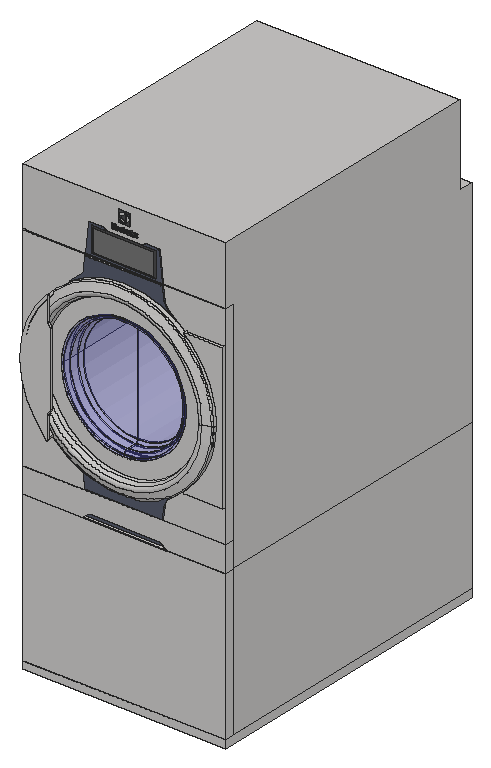
Revit family "QF_ELECTROLUXPROFESSIONAL_1L059Z_TD6-20_E", category Attrezzature speciali, Revit 2021
Family settings
  Quota connettore circolare = Usa diametro
  Tipo di parte = Normale
  Basato su piano di lavoro = No
  Sempre verticale = Sì
  Taglio con vuoti quando caricato = No
  Condiviso = No
  Punto di calcolo locali = No
Parameters (values of type "9873830140")
  Weight = 243
  Watts = 19000 W
  Volts = 230 V
  URL = "www.electroluxprofessional.com"
  Steam Pounds per Hour = 0
  Show Logo [instance] = yes
  Show Clearance [instance] = yes
  Sensible Heat Output = "0.0"
  Prospetto di default = 0 mm
  Produttore = "Electrolux Professional"
  Phase = 3
  Modello = "TD6-20"
  Length Actual = 790 mm
  Latent Heat Output = "0.0"
  Item Number = "1LSNCU"
  Height Actual = 1771 mm
  Gas KW = 0
  Descrizione = "TUMBLE DRYER TD6-20 20KG GALVA.DRUM EL 18KW 230/50/3 COMPASS PRO 6G81 EU SILVER DO.LEFT.INS. MB AFC STOP DISCON."
  Depth Actual = 1202 mm
  Cycle = 50 Hz
  Corrente [instance] = "47.8"
Types (82, lengths in mm): name | Watts | Volts | Item Number | Descrizione | Cycle | Corrente
  (no name) | 19000 W | 230 V | "1LSNCU" | "TUMBLE DRYER TD6-20 20KG GALVA.DRUM EL 18KW 230/50/3 COMPASS PRO 6G81 EU SILVER DO.LEFT.INS. MB AFC STOP DISCON." | 50 Hz | "47.8"
  9873830029 | 19000 W | 400 V | "1L0EDE" | "TUMBLE DRYER TD6-20 20KG SST DRUM EL 18KW 400/50/3 COMPASS PRO 6G82 EU SILVER DO.RIGHT STOP DISCON." | 50 Hz | "27.5"
  9873830019 | 19000 W | 400 V | "1LSN2M" | "TUMBLE DRYER TD6-20 20KG GALVA.DRUM EL 18KW 400/50/3 COMPASS PRO 6G82 EU SILVER DO.RIGHT STOP DISCON." | 50 Hz | "27.5"
  9873830059 | 14500 W | 240 V | "1L0EH8" | "TUMBLE DRYER TD6-20 20KG GALVA.DRUM EL 13,5KW 208-240/60/3 COMPASS PRO 6G81 EU SILVER DO.RIGHT MB STOP DISCON." | 60 Hz | "40.3"
  9873830229 | 19000 W | 400 V | "1L0GSW" | "TUMBLE DRYER TD6-20 20KG SST DRUM EL 18KW 400/60/3 COMPASS PRO 6G81 EU SST DO.RIGHT MB STOP DISCON." | 60 Hz | "27.5"
  9873830219 | 19000 W | 400 V | "1LSPAK" | "TUMBLE DRYER TD6-20 20KG GALVA.DRUM EL 18KW 400/50/3N COMPASS PRO 6G81 EU SILVER DO.RIGHT.INS. MB STOP DISCON. EXT.CONN." | 50 Hz | "27.5"
  9873830108 | 19000 W | 400 V | "1LSN4U" | "TUMBLE DRYER TD6-20 MARINE 20KG GALVA.DRUM EL 18KW 400/50/3 COMPASS PRO 6G82 EU SILVER DO.RIGHT STOP DISCON." | 50 Hz | "27.5"
  9873830249 | 19000 W | 400 V | "1LSPLU" | "TUMBLE DRYER TD6-20 20KG GALVA.DRUM EL 18KW 400/50/3N COMPASS PRO 6L80 EU SILVER DO.RIGHT DISCON." | 50 Hz | "27.5"
  9873830148 | 19000 W | 400 V | "1LSNFY" | "TUMBLE DRYER TD6-20 20KG SST DRUM EL 18KW 400/60/3 COMPASS PRO 6G81 EU SILVER DO.RIGHT MB STOP DISCON." | 60 Hz | "27.5"
  9873830205 | 14500 W | 415 V | "1LSP92" | "TUMBLE DRYER TD6-20 20KG GALVA.DRUM EL 13,5KW 415/50/3N COMPASS PRO 6G82 EU SILVER DO.RIGHT STOP DISCON." | 50 Hz | "20.2"
  9873830265 | 14500 W | 240 V | "1L82B1" | "TUMBLE DRYER TD6-20 MARINE 20KG GALVA.DRUM EL 13,5KW 208-240/60/3 COMPASS PRO 6G81 SE SST/SILVER DO.RIGHT MB STOP DISCON" | 60 Hz | "0.0"
  9873830285 | 19000 W | 400 V | "1L0H88" | "TUMBLE DRYER TD6-20 20KG GALVA.DRUM EL 18KW 400/50/3N COMPASS PRO 6L80 EU SILVER DO.RIGHT DISCON." | 50 Hz | "0.0"
  9873830036 | 19000 W | 440 V | "1L0EDU" | "TUMBLE DRYER TD6-20 MARINE 20KG SST DRUM EL 18KW 440/60/3 COMPASS PRO 6G82 EU SILVER DO.RIGHT STOP DISCON." | 60 Hz | "25.0"
  9873830096 | 19000 W | 400 V | "1L80FL" | "TUMBLE DRYER TD6-20 20KG GALVA.DRUM EL 18KW 400/50/3N COMPASS PRO 6L80 EU SILVER DO.RIGHT EXT.PM. DISCON. 2.I/O" | 50 Hz | "27.5"
  9873830286 | 19000 W | 400 V | "1L0H8H" | "TUMBLE DRYER TD6-20 20KG GALVA.DRUM EL 18KW 400/50/3N COMPASS PRO 6G82 EU SILVER DO.RIGHT.INS. STOP DISCON. EXT.CONN." | 50 Hz | "0.0"
  9873830072 | 14500 W | 440 V | "1L80DN" | "TUMBLE DRYER TD6-20 MARINE 20KG GALVA.DRUM EL 13,5KW 440/60/3 COMPASS PRO 6G82 SE SST/SILVER DO.LEFT STOP DISCON. EXT.CO" | 60 Hz | "19.0"
  9873830052 | 14500 W | 400 V | "1L0EFN" | "TUMBLE DRYER TD6-20 20KG GALVA.DRUM EL 13,5KW 400/60/3N COMPASS PRO 6G82 EU SST/SILVER DO.RIGHT STOP DISCON." | 60 Hz | "21.0"
  9873830117 | 19000 W | 400 V | "1L8217" | "TUMBLE DRYER TD6-20 20KG GALVA.DRUM EL 18KW 400/50/3N COMPASS PRO 6A81 EU SILVER DO.RIGHT.INS. ELS-NETW. MB DISCON." | 50 Hz | "27.5"
  9873830272 | 19000 W | 200 V | "1LT5ZH" | "TUMBLE DRYER TD6-20 20KG SST DRUM EL 18KW 200/50/3 COMPASS PRO 6G86 JP SILVER DO.RIGHT DISCON." | 50 Hz | "0.0"
  9873830292 | 19000 W | 480 V | "1L0HBP" | "TUMBLE DRYER TD6-20 MARINE 20KG SST DRUM EL 18KW 480/60/3 COMPASS PRO 6G81 EU SST DO.LEFT MB STOP DISCON." | 60 Hz | "0.0"
  9873830197 | 14500 W | 400 V | "1LSNZJ" | "TUMBLE DRYER TD6-20 MARINE 20KG GALVA.DRUM EL 13,5KW 400/60/3 COMPASS PRO 6G82 EU SST/SILVER DO.LEFT DSC STOP DISCON. EX" | 60 Hz | "21.0"
  9873830217 | 14500 W | 400 V | "1LSPAH" | "TUMBLE DRYER TD6-20 20KG SST DRUM EL 13,5KW 400/50/3N COMPASS PRO 6L80 EU SILVER DO.RIGHT EXT.PM. DISCON. 2.I/O" | 50 Hz | "21.0"
  9873830057 | 19000 W | 400 V | "1L0EGZ" | "TUMBLE DRYER TD6-20 20KG SST DRUM EL 18KW 400/50/3 COMPASS PRO 6L80 EU SILVER DO.RIGHT EXT.PM. DISCON. 2.I/O" | 50 Hz | "27.5"
  9873830047 | 14500 W | 400 V | "1L0EED" | "TUMBLE DRYER TD6-20 20KG GALVA.DRUM EL 13,5KW 400/50/3N COMPASS PRO 6A81 SE SILVER DO.LEFT.INS. MB STOP EXT.CONN." | 50 Hz | "21.0"
  9873830277 | 19000 W | 200 V | "1L0H80" | "TUMBLE DRYER TD6-20 20KG SST DRUM EL 18KW 200/50/3 COMPASS PRO 6G86 JP SST/SILVER DO.RIGHT DISCON." | 50 Hz | "0.0"
  9873830097 | 19000 W | 400 V | "1L80FX" | "TUMBLE DRYER TD6-20 20KG SST DRUM EL 18KW 400/50/3 COMPASS PRO 6G82 EU SST/SILVER DO.LEFT STOP DISCON." | 50 Hz | "27.5"
  9873830297 | 19000 W | 230 V | "1L0HEL" | "TUMBLE DRYER TD6-20 20KG SST DRUM EL 18KW 230/50/3 COMPASS PRO 6G81 EU SILVER DO.RIGHT MB STOP DISCON." | 50 Hz | "0.0"
  9873830123 | 14500 W | 400 V | "1L0EL2" | "TUMBLE DRYER TD6-20 MARINE 20KG GALVA.DRUM EL 13,5KW 400/50/3 COMPASS PRO 6G82 SE SST/SILVER DO.LEFT STOP DISCON." | 50 Hz | "21.0"
  9873830113 | 19000 W | 400 V | "1LSN5G" | "TUMBLE DRYER TD6-20 20KG GALVA.DRUM EL 18KW 400/50/3N COMPASS PRO 6G82 EU SILVER DO.LEFT STOP DISCON." | 50 Hz | "27.5"
  9873830173 | 19000 W | 400 V | "1LSNPU" | "TUMBLE DRYER TD6-20 20KG SST DRUM EL 18KW 400/50/3N COMPASS PRO 6G81 EU SILVER DO.RIGHT.INS. MB DSC AFC STOP DISCON." | 50 Hz | "27.5"
  9873830143 | 19000 W | 400 V | "1LSNDR" | "TUMBLE DRYER TD6-20 20KG SST DRUM EL 18KW 400/50/3N COMPASS PRO 6G81 EU SILVER DO.RIGHT.INS. MB DSC AFC STOP DISCON." | 50 Hz | "27.5"
  9873830048 | 14600 W | 230 V | "1L0EEE" | "TUMBLE DRYER TD6-20 20KG GALVA.DRUM EL 13,5KW 230/50/3 COMPASS PRO 6G81 EU SILVER DO.RIGHT.INS. MB STOP DISCON. EXT.CONN" | 50 Hz | "36.7"
  9873830098 | 19000 W | 230 V | "1LSN45" | "TUMBLE DRYER TD6-20 20KG SST DRUM EL 18KW 230/50/3 COMPASS PRO 6G82 EU SILVER DO.RIGHT STOP DISCON." | 50 Hz | "47.8"
  9873830233 | 19000 W | 400 V | "1LA23M" | "TUMBLE DRYER TD6-20 20KG SST DRUM EL 18KW 400/50/3 COMPASS PRO 6G81 EU SST DO.RIGHT MB STOP DISCON." | 50 Hz | "27.5"
  9873830053 | 14500 W | 440 V | "1L0EFP" | "TUMBLE DRYER TD6-20 MARINE 20KG GALVA.DRUM EL 13,5KW 440/60/3 COMPASS PRO 6G82 SE SILVER DO.LEFT STOP DISCON." | 60 Hz | "19.0"
  9873830116 | 14500 W | 400 V | "1LSN69" | "TUMBLE DRYER TD6-20 20KG GALVA.DRUM EL 13,5KW 400/50/3N COMPASS PRO 6G82 EU SILVER DO.RIGHT STOP DISCON." | 50 Hz | "21.0"
  9873830176 | 19000 W | 400 V | "1LSNSF" | "TUMBLE DRYER TD6-20 20KG SST DRUM EL 18KW 400/50/3N COMPASS PRO 6L80 EU SILVER DO.LEFT DISCON." | 50 Hz | "27.5"
  9873830093 | 19000 W | 415 V | "1L80F1" | "TUMBLE DRYER TD6-20 20KG GALVA.DRUM EL 18KW 415/50/3N COMPASS PRO 6G82 EU SILVER DO.LEFT STOP DISCON." | 50 Hz | "26.5"
  9873830156 | 19000 W | 400 V | "1L0FW3" | "TUMBLE DRYER TD6-20 20KG GALVA.DRUM EL 18KW 400/60/3N COMPASS PRO 6G81 EU SILVER DO.RIGHT MB STOP DISCON." | 60 Hz | "27.5"
  9873830218 | 19000 W | 400 V | "1LSPAJ" | "TUMBLE DRYER TD6-20 20KG SST DRUM EL 18KW 400/50/3N COMPASS PRO 6L80 EU SILVER DO.RIGHT EXT.PM. DISCON. 2.I/O" | 50 Hz | "27.5"
  9873830208 | 19000 W | 400 V | "1L0GB4" | "TUMBLE DRYER TD6-20 20KG GALVA.DRUM EL 18KW 400/50/3 COMPASS PRO 6G81 EU SILVER DO.RIGHT MB STOP DISCON." | 50 Hz | "27.5"
  9873830278 | 19000 W | 200 V | "1L0H81" | "TUMBLE DRYER TD6-20 20KG SST DRUM EL 18KW 200/60/3 COMPASS PRO 6G86 JP SST/SILVER DO.RIGHT DISCON." | 60 Hz | "0.0"
  9873830258 | 19000 W | 400 V | "1L112C" | "TUMBLE DRYER TD6-20 MARINE 20KG SST DRUM EL 18KW 400/50/3 COMPASS PRO 6G82 EU SILVER DO.RIGHT STOP DISCON." | 50 Hz | "27.5"
  9873830248 | 19000 W | 415 V | "1L0GYE" | "TUMBLE DRYER TD6-20 20KG GALVA.DRUM EL 18KW 415/50/3 COMPASS PRO 6G82 EU SILVER DO.RIGHT STOP DISCON." | 50 Hz | "26.5"
  9873830129 | 19000 W | 480 V | "1L0ELV" | "TUMBLE DRYER TD6-20 20KG GALVA.DRUM EL 18KW 480/60/3 COMPASS PRO 6G81 EU SILVER DO.RIGHT MB STOP DISCON." | 60 Hz | "22.9"
  9873830139 | 14500 W | 400 V | "1L0ENN" | "TUMBLE DRYER TD6-20 20KG SST DRUM EL 13,5KW 400/50/3N COMPASS PRO 6G82 EU SILVER DO.RIGHT STOP DISCON." | 50 Hz | "21.0"
  9873830109 | 19000 W | 400 V | "1LSN5E" | "TUMBLE DRYER TD6-20 20KG SST DRUM EL 18KW 400/50/3N COMPASS PRO 6G81 EU SILVER DO.RIGHT MB AFC STOP DISCON." | 50 Hz | "27.5"
  9873830179 | 19000 W | 400 V | "1LSNSJ" | "TUMBLE DRYER TD6-20 20KG SST DRUM EL 18KW 400/50/3 COMPASS PRO 6L80 EU SILVER DO.RIGHT DISCON." | 50 Hz | "27.5"
  9873830189 | 19000 W | 400 V | "1LSNVB" | "TUMBLE DRYER TD6-20 20KG GALVA.DRUM EL 18KW 400/60/3N COMPASS PRO 6G82 EU SILVER DO.RIGHT STOP DISCON." | 60 Hz | "27.5"
  9873830132 | 14500 W | 400 V | "1L0EMS" | "TUMBLE DRYER TD6-20 20KG SST DRUM EL 13,5KW 400/50/3 COMPASS PRO 6L80 EU SILVER DO.RIGHT EXT.PM. DISCON. 2.I/O" | 50 Hz | "21.0"
  9873830112 | 19000 W | 400 V | "1LSN59" | "TUMBLE DRYER TD6-20 20KG GALVA.DRUM EL 18KW 400/50/3N COMPASS PRO 6G81 EU SILVER DO.RIGHT MB STOP DISCON." | 50 Hz | "27.5"
  9873830030 | 14500 W | 415 V | "1L0EDK" | "TUMBLE DRYER TD6-20 20KG GALVA.DRUM EL 13,5KW 415/50/3N COMPASS PRO 6G81 EU SILVER DO.RIGHT MB STOP DISCON. EXT.CONN." | 50 Hz | "20.2"
  9873830010 | 19000 W | 400 V | "1L0E97" | "TUMBLE DRYER TD6-20 20KG SST DRUM EL 18KW 400/50/3 COMPASS PRO 6G81 EU SILVER DO.RIGHT.INS. MB STOP DISCON." | 50 Hz | "27.5"
  9873830135 | 19000 W | 400 V | "1LSNAS" | "TUMBLE DRYER TD6-20 20KG SST DRUM EL 18KW 400/50/3N COMPASS PRO 6G82 EU SILVER DO.RIGHT STOP DISCON." | 50 Hz | "27.5"
  9873830204 | 19000 W | 400 V | "1LSP81" | "TUMBLE DRYER TD6-20 20KG SST DRUM EL 18KW 400/50/3 COMPASS PRO 6G81 EU SILVER DO.RIGHT MB DSC STOP DISCON." | 50 Hz | "27.5"
  9873830060 | 14500 W | 240 V | "1L0EH9" | "TUMBLE DRYER TD6-20 20KG GALVA.DRUM EL 13,5KW 208-240/60/3 COMPASS PRO 6G82 EU SILVER DO.RIGHT STOP DISCON." | 60 Hz | "40.3"
  9873830105 | 19000 W | 400 V | "1L80GP" | "TUMBLE DRYER TD6-20 20KG SST DRUM EL 18KW 400/60/3N COMPASS PRO 6L80 EU SILVER DO.RIGHT EXT.PM. DISCON. 2.I/O" | 60 Hz | "27.5"
  9873830254 | 14500 W | 480 V | "1L0H0H" | "TUMBLE DRYER TD6-20 MARINE 20KG GALVA.DRUM EL 13,5KW 480/60/3 COMPASS PRO 6G82 SE SST/SILVER DO.LEFT STOP DISCON. EXT.CO" | 60 Hz | "17.5"
  9873830050 | 14500 W | 400 V | "1L0EG4" | "TUMBLE DRYER TD6-20 20KG GALVA.DRUM EL 13,5KW 400/50/3N COMPASS PRO 6A81 SE SILVER DO.LEFT MB EXT.CONN." | 50 Hz | "21.0"
  9873830155 | 19000 W | 230 V | "1L0FUY" | "TUMBLE DRYER TD6-20 20KG GALVA.DRUM EL 18KW 230/50/3 COMPASS PRO 6G81 EU SILVER DO.RIGHT MB AFC STOP DISCON." | 50 Hz | "47.8"
  9873830040 | 19000 W | 400 V | "1L0EDX" | "TUMBLE DRYER TD6-20 20KG GALVA.DRUM EL 18KW 400/50/3 COMPASS PRO 6L80 EU SILVER DO.RIGHT DISCON." | 50 Hz | "27.5"
  9873830035 | 14500 W | 415 V | "1L0EDT" | "TUMBLE DRYER TD6-20 20KG SST DRUM EL 13,5KW 415/50/3N COMPASS PRO 6G82 EU SST/SILVER DO.RIGHT STOP DISCON." | 50 Hz | "20.2"
  9873830055 | 19000 W | 480 V | "1L0EGX" | "TUMBLE DRYER TD6-20 MARINE 20KG GALVA.DRUM EL 18KW 480/60/3 COMPASS PRO 6G82 EU SILVER DO.LEFT STOP DISCON." | 60 Hz | "22.9"
  9873830220 | 19000 W | 400 V | "1LSPAL" | "TUMBLE DRYER TD6-20 20KG SST DRUM EL 18KW 400/50/3N COMPASS PRO 6G82 EU SILVER DO.RIGHT STOP DISCON." | 50 Hz | "27.5"
  9873830210 | 19000 W | 400 V | "1L0GA4" | "TUMBLE DRYER TD6-20 20KG SST DRUM EL 18KW 400/50/3N COMPASS PRO 6G81 EU SILVER DO.RIGHT MB STOP DISCON." | 50 Hz | "27.5"
  9873830111 | 19000 W | 400 V | "1LSN58" | "TUMBLE DRYER TD6-20 20KG GALVA.DRUM EL 18KW 400/50/3N COMPASS PRO 6G82 EU SILVER DO.RIGHT STOP DISCON." | 50 Hz | "27.5"
  9873830151 | 14500 W | 400 V | "1L0EP8" | "TUMBLE DRYER TD6-20 MARINE 20KG GALVA.DRUM EL 13,5KW 400/60/3 COMPASS PRO 6G82 SE SILVER DO.LEFT STOP DISCON." | 60 Hz | "21.0"
  9873830191 | 14600 W | 230 V | "1LSNVD" | "TUMBLE DRYER TD6-20 MARINE 20KG GALVA.DRUM EL 13,5KW 230/60/3 COMPASS PRO 6G81 EU SST/SILVER DO.LEFT MB STOP DISCON. EXT" | 60 Hz | "36.7"
  9873830031 | 19000 W | 400 V | "1L0EDF" | "TUMBLE DRYER TD6-20 20KG SST DRUM EL 18KW 400/50/3 COMPASS PRO 6G81 EU SILVER DO.RIGHT MB STOP DISCON." | 50 Hz | "27.5"
  9873830011 | 14500 W | 440 V | "1L0E98" | "TUMBLE DRYER TD6-20 MARINE 20KG GALVA.DRUM EL 13,5KW 440/60/3 COMPASS PRO 6G82 EU SST/SILVER DO.RIGHT.INS. STOP DISCON." | 60 Hz | "19.0"
  9873830061 | 14500 W | 240 V | "1L0EHA" | "TUMBLE DRYER TD6-20 20KG GALVA.DRUM EL 13,5KW 208-240/60/3 COMPASS PRO 6G82 EU SILVER DO.RIGHT STOP DISCON. EXT.CONN." | 60 Hz | "40.3"
  9873830051 | 19000 W | 400 V | "1L0EFM" | "TUMBLE DRYER TD6-20 20KG GALVA.DRUM EL 18KW 400/50/3 COMPASS PRO 6G81 EU SILVER DO.RIGHT MB STOP DISCON." | 50 Hz | "27.5"
  9873830041 | 19000 W | 400 V | "1L0EE7" | "TUMBLE DRYER TD6-20 20KG GALVA.DRUM EL 18KW 400/50/3 COMPASS PRO 6G81 EU SILVER DO.RIGHT.INS. MB STOP DISCON. EXT.CONN." | 50 Hz | "27.5"
  9873830124 | 19000 W | 440 V | "1LSN7V" | "TUMBLE DRYER TD6-20 20KG SST DRUM EL 18KW 440/60/3 COMPASS PRO 6G82 EU SST DO.RIGHT STOP DISCON." | 60 Hz | "25.0"
  9873830144 | 19000 W | 400 V | "1LSNDS" | "TUMBLE DRYER TD6-20 20KG SST DRUM EL 18KW 400/50/3 COMPASS PRO 6G81 EU SST/SILVER DO.RIGHT.INS. MB STOP DISCON." | 50 Hz | "27.5"
  9873830184 | 14500 W | 400 V | "1LSNRT" | "TUMBLE DRYER TD6-20 20KG GALVA.DRUM EL 13,5KW 400/50/3N COMPASS PRO 6G81 EU SILVER DO.RIGHT MB STOP DISCON." | 50 Hz | "21.0"
  9873830221 | 19000 W | 400 V | "1LSPAM" | "TUMBLE DRYER TD6-20 20KG SST DRUM EL 18KW 400/50/3N COMPASS PRO 6G81 EU SILVER DO.RIGHT.INS. MB STOP DISCON." | 50 Hz | "27.5"
  9873830211 | 19000 W | 400 V | "1LSPDL" | "TUMBLE DRYER TD6-20 20KG GALVA.DRUM EL 18KW 400/50/3N COMPASS PRO 6G81 EU SILVER DO.RIGHT MB STOP DISCON. EXT.CONN." | 50 Hz | "27.5"
  9873830130 | 19000 W | 400 V | "1L0ELW" | "TUMBLE DRYER TD6-20 20KG GALVA.DRUM EL 18KW 400/50/3 COMPASS PRO 6G82 EU SST/SILVER DO.RIGHT STOP DISCON. EXT.CONN." | 50 Hz | "27.5"
  9873830201 | 19000 W | 440 V | "1LSP2Y" | "TUMBLE DRYER TD6-20 MARINE 20KG GALVA.DRUM EL 18KW 440/60/3 COMPASS PRO 6G82 EU SILVER DO.RIGHT STOP DISCON." | 60 Hz | "25.0"
  9873830271 | 19000 W | 200 V | "1LT5ZG" | "TUMBLE DRYER TD6-20 20KG SST DRUM EL 18KW 200/60/3 COMPASS PRO 6G86 JP SILVER DO.RIGHT DISCON." | 60 Hz | "0.0"
  9873830140 | 19000 W | 230 V | "1LSNCU" | "TUMBLE DRYER TD6-20 20KG GALVA.DRUM EL 18KW 230/50/3 COMPASS PRO 6G81 EU SILVER DO.LEFT.INS. MB AFC STOP DISCON." | 50 Hz | "47.8"
Reference planes
  plane 1: z = 0
  plane 2 "BACK": y = 652.5
  plane 3 "FRONT": y = -549.5
  plane 4 "LEFT": x = -799
  plane 5 "RIGHT": x = -6
  plane 6 "TOP": z = 1771
  plane 7: y = -601.5
  plane 8: y = -1323.5
Forms (mm)
  Extrusion 1, solid, material "QF_Finishes_Stainless Steel"
    sketch origin (718.1, -398.1, 598.796) x (0, 0, -1) y (0, 1, 0)
      loop
        line (-14.704, 1050.6) -> (-855.66, 1050.6) -> (-855.66, 994.6) -> (-941.204, 994.6) -> (-941.204, -115.453) -> (-14.704, -115.453) -> (-14.704, 1050.6)
    from -1517.1 to -724.1
  Extrusion 2, solid, material "QF_Finishes_Stainless Steel"
    sketch origin (718.1, -368.1, 598.796) x (0, 0, -1) y (0, 1, 0)
      loop
        line (568.796, -145.453) -> (568.796, 1020.6) -> (-14.704, 1020.6) -> (-14.704, -145.453) -> (568.796, -145.453)
    from -1517.1 to -724.1
  Sweep 3, solid, material "QF_Finishes_Black"
    path origin (686.327, -549.5, 1684.42) x (0, 0, -1) y (1, 0, 0)
      loop
        line (131.445, -962.809) -> (32.707, -962.809) -> (32.707, -1214.809) -> (131.445, -1214.809) -> (131.445, -962.809)
    profile origin (-276.482, -549.5, 1602.344) x (-1, 0, 0) y (0, -1, 0)
      loop
        line (5, 0) -> (5, 5)
        arc (5, 5) -> (1.464, 3.536) -> (0, 0) r 5
        line (0, 0) -> (5, 0)
  Extrusion 4, solid, material "QF_Finishes_Dark Grey"
    sketch origin (686.327, -549.5, 1684.42) x (0, 0, -1) y (1, 0, 0)
      loop
        line (126.445, -1209.809) -> (126.445, -967.809) -> (37.707, -967.809) -> (37.707, -1209.809) -> (126.445, -1209.809)
    from 0 to 4
  Extrusion 5, void
    sketch origin (889, -517.06, 1195.994) x (0, 0, -1) y (1, 0, 0)
      loop
        circle (69.994, -1291.5) r 245
    from -451.9 to 33.109
  Extrusion 6, solid, material "QF_Finishes_Stainless Steel"
    sketch origin (718.1, 596.5, 1540) x (0, 0, -1) y (-1, 0, 0)
      loop
        circle (43, 834.1) r 12.7
    from 0 to 5
  Extrusion 7, solid, material "QF_Finishes_Stainless Steel"
    sketch origin (653.455, 652.5, 172.018) x (0, 0, 1) y (1, 0, 0)
      loop
        circle (67.982, -1277.455) r 100
    from 0 to 5
  Extrusion 8, solid, material "QF_Finishes_Stainless Steel"
    sketch origin (-499, 0, 0) x (0, 1, 0) y (0, 0, 1)
      loop
        line (596.5, 1540) -> (596.5, 1771) -> (-549.5, 1771) -> (-549.5, 1541.816)
        arc (-549.5, 1541.816) -> (-548.968, 1540.532) -> (-547.684, 1540) r 1.816
        line (-547.684, 1540) -> (596.5, 1540)
    from -300 to 493
  Extrusion 9, solid, material "QF_Finishes_Stainless Steel"
    sketch origin (0, 0, 1114.3) x (-1, 0, 0) y (0, -1, 0)
      loop
        line (799, -652.5) -> (799, 549.5) -> (6, 549.5) -> (6, -652.5) -> (799, -652.5)
    from -1114.3 to -1084.3
  Extrusion 10, solid, material "QF_Finishes_Stainless Steel"
    sketch origin (-499, -118.96, 0) x (0, 1, 0) y (0, 0, 1)
      loop
        line (-394.593, 1540) -> (-430.54, 1540) -> (-430.54, 713.5) -> (-394.593, 713.5) -> (-394.593, 1540)
    from -300 to 493
  Extrusion 11, solid, material "QF_Finishes_Stainless Steel"
    sketch origin (-499, -118.96, 0) x (0, 1, 0) y (0, 0, 1)
      loop
        line (-430.54, 713.5) -> (-430.54, 613.5) -> (-394.593, 613.5) -> (-394.593, 713.5) -> (-430.54, 713.5)
    from -300 to 493
  Extrusion 12, solid, material "QF_Finishes_Stainless Steel"
    sketch origin (-499, -118.96, 0) x (0, 1, 0) y (0, 0, 1)
      loop
        line (-394.593, 613.5) -> (-430.54, 613.5) -> (-430.54, 30) -> (-394.593, 30) -> (-394.593, 613.5)
    from -300 to 493
  Sweep 13, solid, material "QF_Finishes_Stainless Steel"
    path origin (-409, -549.5, 1444.576) x (0, 0, -1) y (1, 0, 0)
      loop
        circle (318.576, 6.5) r 366.295
    profile origin (-402.5, -549.5, 1492.295) x (0, 0, -1) y (0, -1, 0)
      loop
        line (0, 0) -> (60.401, 0)
        arc (60.401, 0) -> (59.825, 6.814) -> (57.535, 13.257) r 26.651
        line (57.535, 13.257) -> (49.537, 28.994)
        arc (49.537, 28.994) -> (42.511, 35.32) -> (33.058, 35.302) r 13.156
        line (33.058, 35.302) -> (4.309, 24.168)
        arc (4.309, 24.168) -> (1.18, 21.691) -> (0, 17.88) r 6.744
        line (0, 17.88) -> (0, 0)
  Extrusion 14, solid, material "QF_Finishes_Stainless Steel"
    sketch origin (889, -689.525, 1195.994) x (0, 0, -1) y (1, 0, 0)
      loop
        line (353.669, -897.598) -> (-212.997, -897.549) -> (-213.01, -1046.361)
        arc (-213.01, -1046.361) -> (-212.131, -1048.481) -> (-210.011, -1049.36) r 2.999
        line (-210.011, -1049.36) -> (-204.852, -1049.36)
        arc (-204.852, -1049.36) -> (-80.8, -957.683) -> (69.994, -925.205) r 366.295
        arc (69.994, -925.205) -> (220.927, -957.746) -> (345.042, -1049.589) r 366.295
        line (345.042, -1049.589) -> (350.683, -1049.589)
        arc (350.683, -1049.589) -> (352.804, -1048.711) -> (353.682, -1046.59) r 2.999
        line (353.682, -1046.59) -> (353.669, -897.598)
    from -140.025 to -130.025
  Revolve 15, solid, material "QF_Door-Drawer Clearances", visible <- "Show Clearance", detail levels coarse
    sketch origin (889, -601.5, 1195.994) x (0, 0, -1) y (1, 0, 0)
      loop
        circle (69.994, -1291.5) r 366.295
      axis (69.994, -924.023) -> (68.994, -924.023)
    angle from 0 to -90
  Revolve 16, solid, material "QF_Finishes_Glass"
    sketch origin (-402.863, -289.313, 555.02) x (0, 1, 0) y (0, 0, 1)
      loop
        arc (-190.673, 783.338) -> (-195.066, 793.945) -> (-205.673, 798.338) r 15
        line (-205.673, 798.338) -> (-244.95, 798.338)
        arc (-244.95, 798.338) -> (-252.021, 801.267) -> (-254.95, 808.338) r 10
        line (-254.95, 808.338) -> (-254.95, 816.338) -> (-259.95, 816.338) -> (-259.95, 808.338)
        arc (-259.95, 808.338) -> (-255.556, 797.732) -> (-244.95, 793.338) r 15
        line (-244.95, 793.338) -> (-205.673, 793.338)
        arc (-205.673, 793.338) -> (-198.602, 790.409) -> (-195.673, 783.338) r 10
        line (-195.673, 783.338) -> (-195.673, 570.975) -> (-190.673, 570.975) -> (-190.673, 783.338)
      axis (-259.95, 570.975) -> (-190.673, 570.975)
    angle from 0 to 360
  Extrusion 17, solid, material "QF_Finishes_Stainless Steel"
    sketch origin (-529, -549.5, 1444.576) x (0, 0, -1) y (1, 0, 0)
      loop
        arc (176.622, -119.08) -> (174.216, -119.45) -> (172.033, -120.527) r 8
        line (172.033, -120.527) -> (158.099, -130.284)
        arc (158.099, -130.284) -> (155.934, -131.338) -> (153.554, -131.7) r 8
        line (153.554, -131.7) -> (65.736, -131.7)
        arc (65.736, -131.7) -> (63.285, -133.352) -> (63.896, -136.244) r 2.645
        arc (63.896, -136.244) -> (318.617, -239.419) -> (573.315, -136.187) r 365.919
        arc (573.315, -136.187) -> (573.918, -133.331) -> (571.497, -131.7) r 2.612
        line (571.497, -131.7) -> (483.599, -131.7)
        arc (483.599, -131.7) -> (481.193, -131.33) -> (479.01, -130.253) r 8
        line (479.01, -130.253) -> (465.119, -120.527)
        arc (465.119, -120.527) -> (462.936, -119.45) -> (460.53, -119.08) r 8
        line (460.53, -119.08) -> (176.622, -119.08)
    from 47.713 to 52
  Extrusion 18, solid, material "QF_Finishes_Stainless Steel"
    sketch origin (-529, -601.5, 1444.576) x (0, 0, -1) y (1, 0, 0)
      loop
        arc (63.896, -136.244) -> (318.617, -239.419) -> (573.315, -136.187) r 365.919
        line (573.315, -136.187) -> (563.547, -131.7)
        arc (563.547, -131.7) -> (318.584, -229.419) -> (73.616, -131.711) r 355.919
        line (73.616, -131.711) -> (63.896, -136.244)
    from -4.287 to -34.753
  Extrusion 19, void
    sketch origin (-401.334, -549.5, 611.842) x (0, 0, 1) y (1, 0, 0)
      loop
        arc (1.908, -169.725) -> (2.027, -168.962) -> (2.374, -168.272) r 2.499
        line (2.374, -168.272) -> (21.699, -140.672)
        arc (21.699, -140.672) -> (23.335, -137.382) -> (23.898, -133.751) r 11.994
        line (23.898, -133.751) -> (23.897, 130.467)
        arc (23.897, 130.467) -> (23.336, 134.095) -> (21.703, 137.383) r 11.994
        line (21.703, 137.383) -> (2.374, 164.988)
        arc (2.374, 164.988) -> (2.027, 165.678) -> (1.908, 166.441) r 2.499
        line (1.908, 166.441) -> (1.908, -169.725)
    from 0 to 13.427
  Extrusion 20, solid, material "QF_Finishes_Blue"
    sketch origin (-499, -549.5, 893.425) x (0, 0, 1) y (-1, 0, 0)
      loop
        arc (767.274, 37.584) -> (765.819, 41.099) -> (762.304, 42.555) r 4.971
        line (762.304, 42.555) -> (650.575, 54.795) -> (650.575, -247.832) -> (761.659, -235.663)
        arc (761.659, -235.663) -> (765.63, -234.018) -> (767.274, -230.047) r 5.615
        line (767.274, -230.047) -> (767.274, -186.505)
        arc (767.274, -186.505) -> (766.484, -180.953) -> (764.209, -175.828) r 20.351
        line (764.209, -175.828) -> (758.288, -166.304) -> (758.288, -222.518) -> (659.55, -222.518) -> (659.55, 29.482) -> (758.288, 29.482) -> (758.288, -26.732) -> (764.209, -17.208)
        arc (764.209, -17.208) -> (766.483, -12.086) -> (767.274, -6.538) r 20.35
        line (767.274, -6.538) -> (767.274, 37.584)
    from 0 to 1.6
  Extrusion 21, solid, material "QF_Finishes_Blue"
    sketch origin (-499, -549.5, 893.425) x (0, 0, 1) y (-1, 0, 0)
      loop
        arc (594.486, 60.933) -> (579.244, 65.533) -> (566.695, 75.331) r 43.3
        line (566.695, 75.331) -> (532.276, 114.098)
        arc (532.276, 114.098) -> (598.87, -96.026) -> (532.82, -306.322) r 366.295
        line (532.82, -306.322) -> (566.695, -268.167)
        arc (566.695, -268.167) -> (579.244, -258.37) -> (594.486, -253.77) r 43.3
        line (594.486, -253.77) -> (642.075, -248.6) -> (642.075, 55.764) -> (594.486, 60.933)
    from 0 to 1.6
  Extrusion 22, solid, material "QF_Finishes_Blue"
    sketch origin (-499, -549.5, 893.425) x (0, 0, 1) y (-1, 0, 0)
      loop
        line (-129.403, 60.926) -> (-176.925, 55.764) -> (-176.925, -248.6) -> (-129.403, -253.763)
        arc (-129.403, -253.763) -> (-114.123, -258.355) -> (-101.544, -268.169) r 43.3
        line (-101.544, -268.169) -> (-67.671, -306.321)
        arc (-67.671, -306.321) -> (-133.72, -96.026) -> (-67.127, 114.098) r 366.295
        line (-67.127, 114.098) -> (-101.544, 75.332)
        arc (-101.544, 75.332) -> (-114.123, 65.518) -> (-129.403, 60.926) r 43.3
    from 0 to 1.6
Cuts and joins
  Extrusion 5 cuts Extrusion 1
  Extrusion 5 cuts Extrusion 8
  joined: Extrusion 1, Extrusion 8
  Extrusion 5 cuts Extrusion 10
  Extrusion 19 cuts Extrusion 11
  joined: Sweep 13, Extrusion 14, Extrusion 17, Extrusion 18
Lines and regions (mm)
  Split face 1
    outline origin (-6, -549.5, 1540) x (-1, 0, 0) y (0, 0, -1)
      loop
        circle (396.5, 414) r 305.895
  symbolic lines
    curve 1: line (-6, 652.5, 1771) -> (-799, 652.5, 1771)
    curve 2: line (-799, -549.5, 1771) -> (-6, -549.5, 1771)
    curve 3: line (-6, 652.5, 0) -> (-6, -549.5, 0)
    curve 4: line (-799, 652.5, 0) -> (-799, -549.5, 0)
    curve 6: line (-6, 596.5, 0) -> (-799, 596.5, 0)
  symbolic lines, style "QF_Door-Drawer Clearances", visible <- "Show Clearance"
    curve 5: line (-6, -1323.5, 0) -> (-6, -549.5, 0)
    curve 7: arc (-768.795, -549.5, 0) -> (-549.88, -1096.63, 0) -> (-6, -1323.5, 0) r 761.144
  symbolic lines, style "SpecialityEquipment"
    curve 8: line (-8.549, -559.5, 0) -> (-8.549, -549.5, 0)
    curve 9: line (-160.36, -559.5, 0) -> (-8.549, -559.5, 0)
    curve 10: line (-160.36, -549.5, 0) -> (-160.36, -559.5, 0)
    curve 11: line (-768.419, -601.5, 0) -> (-659.284, -601.5, 0)
    curve 12: line (-659.284, -597.213, 0) -> (-758.419, -597.213, 0)
    curve 13: line (-758.419, -569.602, 0) -> (-758.419, -597.213, 0)
    curve 14: line (-659.284, -597.213, 0) -> (-659.284, -601.5, 0)
    curve 15: line (-768.419, -569.602, 0) -> (-758.419, -569.602, 0)
    curve 16: line (-74.013, -585.689, 0) -> (-758.419, -585.689, 0)
    curve 17: line (-768.419, -569.602, 0) -> (-768.419, -601.5, 0)
    curve 18: line (-40.513, -573.668, 0) -> (-758.419, -573.668, 0)
    curve 19: line (-768.795, -549.5, 0) -> (-768.795, -567.38, 0)
    curve 20: arc (-768.795, -567.38, 0) -> (-768.701, -568.507, 0) -> (-768.419, -569.602, 0) r 6.744
    curve 21: line (-36.205, -559.5, 0) -> (-36.205, -567.38, 0)
    curve 22: line (-40.513, -573.668, 0) -> (-69.262, -584.802, 0)
    curve 23: arc (-36.205, -567.38, 0) -> (-37.385, -571.191, 0) -> (-40.513, -573.668, 0) r 6.744
    curve 24: arc (-74.013, -585.689, 0) -> (-71.597, -585.465, 0) -> (-69.262, -584.802, 0) r 13.156
Dimensions and locks
  plane 4 "LEFT" to plane 5 "RIGHT" = 793 mm
  plane 2 "BACK" to plane 3 "FRONT" = 1202 mm
  plane 6 "TOP" to level = 1771 mm
  Extrusion 2 to Extrusion 2 = 583.5 mm
  Extrusion 6 sketch curve to plane 6 "TOP" = 274 mm
  plane 5 "RIGHT" to Extrusion 6 sketch curve = 110 mm
  level to Extrusion 7 sketch curve = 240 mm
  Extrusion 7 sketch curve to plane 4 "LEFT" = 175 mm
  plane 2 "BACK" to plane 7 = 1254 mm
  plane 2 "BACK" to plane 8 = 1976 mm
  aligned and locked: level to plane 1
  aligned and locked: Extrusion 1 to plane 4 "LEFT"
  aligned and locked: plane 5 "RIGHT" to Extrusion 1
  aligned and locked: Extrusion 2 to plane 4 "LEFT"
  aligned and locked: plane 5 "RIGHT" to Extrusion 2
  aligned and locked: plane 5 "RIGHT" to Extrusion 8
  aligned and locked: Extrusion 8 to plane 4 "LEFT"
  aligned and locked: plane 5 "RIGHT" to Extrusion 12
  aligned and locked: Extrusion 12 to plane 4 "LEFT"
  aligned and locked: Extrusion 11 to plane 4 "LEFT"
  aligned and locked: plane 5 "RIGHT" to Extrusion 11
  aligned and locked: Extrusion 10 to plane 4 "LEFT"
  aligned and locked: plane 5 "RIGHT" to Extrusion 10
  aligned and locked: Extrusion 18 to Extrusion 17
Nested families
  nested 1: "ELX_Logo_S_New" at (-415.511, -549.5, 1674.59) x (1, 0, 0) z (0, -1, 0), visible <- "Show Logo", type "ELX_Logo_S_New"
    with Material QF_Finishes_Black
  nested 2: "ELX_Logo_Symbol_S" at (-394.886, -549.5, 1729.274) x (-1, 0, 0) z (0, -1, 0), visible <- "Show Logo", type "ELX_Logo_Symbol_S"
    with Material QF_Finishes_Black
Connectors
  piping at (-624, 657.5, 240), diameter 200
    settings: on Extrusion 7, index 3, connector inside diameter 609.6 mm, connector length 0 mm, flow factor 0, pipe flow 0.0 L/s, pressure drop 0.0 Pa, fitting loss kfactor 0, connector angle 0.00°, fixture units 0, engagement length 0 mm, angle of deflection 0.00°, flow configuration 1, flow direction 2, fitting loss method 0, system type 7, joint type 0, gender type 0, connector reference index -1, connector utility 0, adjustable connector no, is connector primary yes, connector description "Exhaust Connection"
  electrical at (-116, 601.5, 1497)
    settings: on Extrusion 6, index 4, voltage 0 V, apparent load 0 VA, apparent load phase1 0 VA, apparent load phase2 0 VA, apparent load phase3 0 VA, power factor 1, load classification "Other", number of poles 1, system type 30, power factor state 1, is connector primary yes, connector utility no, sub classification motor no, connector description "Electrical Connection"
Definition of nested family "ELX_Logo_S_New"
  Parameters
    Material [instance] = none
    Default Elevation = 0 mm
  Reference planes
    plane 1 "Centro (Fronte/Retro)": y = 0
    plane 2: z = 0
    plane 3 "Centro (Sinistra/Destra)": x = 0
  Forms (mm)
    Extrusion 1, solid
      sketch origin (0, 0, 0) x (1, 0, 0) y (0, 1, 0)
        loop
          line (-1219.2, 1219.2) -> (-1219.2, -1219.2) -> (1219.2, -1219.2) -> (1219.2, 1219.2) -> (-1219.2, 1219.2)
      from 0 to -304.8
    Extrusion 2, solid, material <- "Material"
      sketch origin (0, 0, 0) x (1, 0, 0) y (0, 1, 0)
        loop
          spline (-31.006, -2.781) -> (-31.24, -2.771) -> (-31.49, -2.739) -> (-31.748, -2.68) -> (-32.009, -2.591) -> (-32.264, -2.469) -> (-32.508, -2.308) -> (-32.732, -2.105) -> (-32.932, -1.857) -> (-33.099, -1.559) -> (-33.226, -1.207) -> (-33.308, -0.798) -> (-33.337, -0.327)
          line (-33.337, -0.327) -> (-33.337, 1.761) -> (-26.444, 1.761) -> (-26.444, 4.423) -> (-33.338, 4.423) -> (-33.338, 8.299) -> (-26.005, 8.299) -> (-26.005, 10.954) -> (-36.159, 10.954) -> (-36.159, -0.206)
          spline (-36.159, -0.206) -> (-36.134, -0.893) -> (-36.057, -1.54) -> (-35.927, -2.145) -> (-35.743, -2.707) -> (-35.503, -3.222) -> (-35.206, -3.689) -> (-34.85, -4.106) -> (-34.433, -4.47) -> (-33.955, -4.779) -> (-33.414, -5.031) -> (-32.809, -5.223) -> (-32.137, -5.354)
          line (-32.137, -5.354) -> (-31.029, -5.433) -> (-25.809, -5.433) -> (-25.809, -2.781) -> (-31.006, -2.781)
        loop
          line (-23.804, 3.211) -> (-23.804, -5.437) -> (-20.982, -5.437) -> (-20.982, 10.958) -> (-23.804, 10.958) -> (-23.804, 3.211)
        loop
          spline (-7.052, -0.2) -> (-7.034, 0.688) -> (-7.119, 1.546) -> (-7.304, 2.368) -> (-7.586, 3.144) -> (-7.962, 3.868) -> (-8.426, 4.531) -> (-8.977, 5.126) -> (-9.61, 5.644) -> (-10.321, 6.077) -> (-11.107, 6.419) -> (-11.964, 6.66) -> (-12.889, 6.793)
          spline (-12.889, 6.793) -> (-13.767, 6.742) -> (-14.602, 6.592) -> (-15.387, 6.346) -> (-16.116, 6.008) -> (-16.782, 5.583) -> (-17.379, 5.073) -> (-17.902, 4.483) -> (-18.343, 3.816) -> (-18.697, 3.077) -> (-18.958, 2.269) -> (-19.119, 1.395) -> (-19.174, 0.46)
          spline (-19.174, 0.46) -> (-19.121, -0.452) -> (-18.964, -1.304) -> (-18.71, -2.094) -> (-18.362, -2.816) -> (-17.926, -3.468) -> (-17.406, -4.045) -> (-16.808, -4.544) -> (-16.137, -4.96) -> (-15.397, -5.291) -> (-14.594, -5.532) -> (-13.733, -5.679) -> (-12.817, -5.729)
          spline (-12.817, -5.729) -> (-12.371, -5.719) -> (-11.93, -5.685) -> (-11.493, -5.626) -> (-11.062, -5.54) -> (-10.636, -5.425) -> (-10.216, -5.277) -> (-9.8, -5.096) -> (-9.391, -4.879) -> (-8.987, -4.623) -> (-8.588, -4.326) -> (-8.196, -3.987) -> (-7.809, -3.603)
          line (-7.809, -3.603) -> (-9.51, -1.949)
          spline (-9.51, -1.949) -> (-9.734, -2.164) -> (-9.959, -2.362) -> (-10.188, -2.542) -> (-10.422, -2.703) -> (-10.662, -2.846) -> (-10.913, -2.971) -> (-11.174, -3.077) -> (-11.449, -3.163) -> (-11.739, -3.231) -> (-12.047, -3.28) -> (-12.374, -3.309) -> (-12.723, -3.319)
          spline (-12.723, -3.319) -> (-13.234, -3.294) -> (-13.713, -3.219) -> (-14.158, -3.098) -> (-14.568, -2.931) -> (-14.94, -2.72) -> (-15.272, -2.469) -> (-15.562, -2.177) -> (-15.809, -1.849) -> (-16.009, -1.485) -> (-16.162, -1.088) -> (-16.264, -0.659) -> (-16.314, -0.2)
          line (-16.314, -0.2) -> (-7.052, -0.2)
        loop
          spline (-9.888, 1.784) -> (-9.915, 2.133) -> (-9.995, 2.469) -> (-10.124, 2.788) -> (-10.298, 3.088) -> (-10.514, 3.365) -> (-10.768, 3.615) -> (-11.056, 3.836) -> (-11.376, 4.024) -> (-11.722, 4.176) -> (-12.092, 4.289) -> (-12.482, 4.359) -> (-12.889, 4.383)
          spline (-12.889, 4.383) -> (-13.325, 4.36) -> (-13.744, 4.291) -> (-14.144, 4.18) -> (-14.52, 4.03) -> (-14.868, 3.844) -> (-15.186, 3.624) -> (-15.469, 3.375) -> (-15.715, 3.099) -> (-15.919, 2.798) -> (-16.077, 2.477) -> (-16.186, 2.138) -> (-16.243, 1.784)
          line (-16.243, 1.784) -> (-9.888, 1.784)
        loop
          spline (-2.737, 0.532) -> (-2.704, 1.057) -> (-2.61, 1.555) -> (-2.457, 2.022) -> (-2.249, 2.455) -> (-1.991, 2.851) -> (-1.685, 3.205) -> (-1.336, 3.514) -> (-0.948, 3.775) -> (-0.524, 3.984) -> (-0.067, 4.138) -> (0.417, 4.233) -> (0.926, 4.265)
          spline (0.926, 4.265) -> (1.238, 4.255) -> (1.537, 4.226) -> (1.824, 4.178) -> (2.098, 4.112) -> (2.362, 4.027) -> (2.615, 3.925) -> (2.858, 3.806) -> (3.093, 3.67) -> (3.318, 3.518) -> (3.536, 3.349) -> (3.746, 3.165) -> (3.95, 2.966)
          line (3.95, 2.966) -> (5.699, 4.785)
          spline (5.699, 4.785) -> (5.351, 5.133) -> (4.992, 5.446) -> (4.624, 5.724) -> (4.246, 5.969) -> (3.859, 6.181) -> (3.463, 6.362) -> (3.059, 6.512) -> (2.646, 6.633) -> (2.226, 6.725) -> (1.8, 6.79) -> (1.366, 6.828) -> (0.926, 6.841)
          spline (0.926, 6.841) -> (0.044, 6.786) -> (-0.801, 6.626) -> (-1.601, 6.367) -> (-2.349, 6.014) -> (-3.037, 5.573) -> (-3.658, 5.051) -> (-4.204, 4.453) -> (-4.668, 3.785) -> (-5.041, 3.053) -> (-5.318, 2.263) -> (-5.489, 1.421) -> (-5.548, 0.532)
          spline (-5.548, 0.532) -> (-5.489, -0.357) -> (-5.318, -1.199) -> (-5.041, -1.989) -> (-4.668, -2.721) -> (-4.204, -3.389) -> (-3.658, -3.987) -> (-3.037, -4.509) -> (-2.349, -4.95) -> (-1.601, -5.303) -> (-0.801, -5.562) -> (0.044, -5.722) -> (0.926, -5.777)
          spline (0.926, -5.777) -> (1.366, -5.764) -> (1.8, -5.726) -> (2.226, -5.662) -> (2.646, -5.569) -> (3.059, -5.449) -> (3.463, -5.298) -> (3.859, -5.117) -> (4.246, -4.905) -> (4.624, -4.66) -> (4.992, -4.382) -> (5.351, -4.069) -> (5.699, -3.721)
          line (5.699, -3.721) -> (3.95, -1.902)
          spline (3.95, -1.902) -> (3.746, -2.101) -> (3.536, -2.285) -> (3.318, -2.453) -> (3.093, -2.606) -> (2.858, -2.742) -> (2.615, -2.861) -> (2.362, -2.964) -> (2.098, -3.048) -> (1.824, -3.114) -> (1.537, -3.162) -> (1.238, -3.191) -> (0.926, -3.201)
          spline (0.926, -3.201) -> (0.417, -3.169) -> (-0.067, -3.074) -> (-0.524, -2.92) -> (-0.948, -2.711) -> (-1.336, -2.45) -> (-1.685, -2.141) -> (-1.991, -1.787) -> (-2.249, -1.391) -> (-2.457, -0.958) -> (-2.61, -0.491) -> (-2.704, 0.007) -> (-2.737, 0.532)
        loop
          spline (12.895, -2.785) -> (12.646, -2.789) -> (12.379, -2.77) -> (12.102, -2.724) -> (11.82, -2.646) -> (11.542, -2.531) -> (11.274, -2.376) -> (11.024, -2.175) -> (10.797, -1.924) -> (10.602, -1.618) -> (10.445, -1.253) -> (10.334, -0.824) -> (10.275, -0.327)
          line (10.275, -0.327) -> (10.275, 3.855) -> (12.842, 3.855) -> (12.842, 6.419) -> (10.278, 6.419) -> (10.278, 10.958) -> (7.456, 10.958) -> (7.456, -0.488)
          spline (7.456, -0.488) -> (7.516, -1.152) -> (7.626, -1.776) -> (7.785, -2.359) -> (7.996, -2.899) -> (8.26, -3.392) -> (8.577, -3.837) -> (8.951, -4.232) -> (9.38, -4.575) -> (9.868, -4.864) -> (10.415, -5.096) -> (11.023, -5.27) -> (11.693, -5.383)
          line (11.693, -5.383) -> (12.885, -5.437) -> (12.895, -2.785)
        loop
          spline (22.391, 6.583) -> (21.903, 6.613) -> (21.433, 6.605) -> (20.982, 6.558) -> (20.553, 6.476) -> (20.145, 6.358) -> (19.76, 6.207) -> (19.401, 6.022) -> (19.067, 5.807) -> (18.76, 5.561) -> (18.482, 5.286) -> (18.234, 4.984) -> (18.016, 4.655)
          line (18.016, 4.655) -> (18.016, 6.418) -> (15.217, 6.418) -> (15.217, -5.437) -> (18.016, -5.437) -> (18.016, 0.797)
          spline (18.016, 0.797) -> (18.042, 1.269) -> (18.118, 1.71) -> (18.242, 2.117) -> (18.412, 2.488) -> (18.627, 2.822) -> (18.884, 3.117) -> (19.182, 3.371) -> (19.518, 3.583) -> (19.892, 3.751) -> (20.3, 3.873) -> (20.742, 3.947) -> (21.215, 3.972)
          line (21.215, 3.972) -> (22.391, 3.855) -> (22.391, 6.583)
        loop
          spline (35.761, 0.49) -> (35.702, 1.36) -> (35.53, 2.189) -> (35.253, 2.971) -> (34.878, 3.698) -> (34.414, 4.364) -> (33.867, 4.963) -> (33.246, 5.488) -> (32.558, 5.932) -> (31.811, 6.289) -> (31.013, 6.552) -> (30.171, 6.715) -> (29.293, 6.771)
          spline (29.293, 6.771) -> (28.409, 6.715) -> (27.564, 6.552) -> (26.763, 6.289) -> (26.016, 5.932) -> (25.328, 5.488) -> (24.708, 4.963) -> (24.163, 4.364) -> (23.701, 3.698) -> (23.328, 2.971) -> (23.053, 2.189) -> (22.882, 1.36) -> (22.823, 0.49)
          spline (22.823, 0.49) -> (22.882, -0.379) -> (23.053, -1.208) -> (23.328, -1.989) -> (23.701, -2.716) -> (24.163, -3.382) -> (24.708, -3.981) -> (25.328, -4.506) -> (26.016, -4.951) -> (26.763, -5.308) -> (27.564, -5.571) -> (28.409, -5.734) -> (29.293, -5.79)
          spline (29.293, -5.79) -> (30.171, -5.734) -> (31.013, -5.571) -> (31.811, -5.308) -> (32.558, -4.951) -> (33.246, -4.506) -> (33.867, -3.981) -> (34.414, -3.382) -> (34.878, -2.716) -> (35.253, -1.989) -> (35.53, -1.208) -> (35.702, -0.379) -> (35.761, 0.49)
        loop
          spline (32.961, 0.49) -> (32.929, 1.004) -> (32.833, 1.493) -> (32.679, 1.955) -> (32.47, 2.385) -> (32.21, 2.779) -> (31.903, 3.134) -> (31.553, 3.445) -> (31.164, 3.709) -> (30.739, 3.921) -> (30.283, 4.077) -> (29.8, 4.174) -> (29.293, 4.207)
          spline (29.293, 4.207) -> (28.781, 4.174) -> (28.294, 4.077) -> (27.836, 3.921) -> (27.411, 3.709) -> (27.022, 3.445) -> (26.673, 3.134) -> (26.368, 2.779) -> (26.11, 2.385) -> (25.903, 1.955) -> (25.75, 1.493) -> (25.656, 1.004) -> (25.624, 0.49)
          spline (25.624, 0.49) -> (25.656, -0.022) -> (25.75, -0.512) -> (25.903, -0.973) -> (26.11, -1.403) -> (26.368, -1.798) -> (26.673, -2.153) -> (27.022, -2.464) -> (27.411, -2.728) -> (27.836, -2.94) -> (28.294, -3.096) -> (28.781, -3.193) -> (29.293, -3.226)
          spline (29.293, -3.226) -> (29.8, -3.193) -> (30.283, -3.096) -> (30.739, -2.94) -> (31.164, -2.728) -> (31.553, -2.464) -> (31.903, -2.153) -> (32.21, -1.798) -> (32.47, -1.403) -> (32.679, -0.973) -> (32.833, -0.512) -> (32.929, -0.022) -> (32.961, 0.49)
        loop
          line (37.497, 3.493) -> (37.497, -5.437) -> (40.321, -5.437) -> (40.321, 10.958) -> (37.497, 10.958) -> (37.497, 3.493)
        loop
          line (50.501, 6.418) -> (50.501, -0.473)
          spline (50.501, -0.473) -> (50.478, -0.921) -> (50.412, -1.325) -> (50.305, -1.686) -> (50.159, -2.005) -> (49.978, -2.282) -> (49.763, -2.52) -> (49.517, -2.718) -> (49.243, -2.878) -> (48.943, -3.001) -> (48.619, -3.087) -> (48.275, -3.139) -> (47.913, -3.155)
          spline (47.913, -3.155) -> (47.55, -3.139) -> (47.206, -3.088) -> (46.883, -3.001) -> (46.583, -2.879) -> (46.309, -2.72) -> (46.063, -2.523) -> (45.849, -2.287) -> (45.667, -2.012) -> (45.522, -1.696) -> (45.414, -1.339) -> (45.348, -0.94) -> (45.326, -0.498)
          line (45.326, -0.498) -> (45.326, 6.418) -> (42.479, 6.418) -> (42.479, -0.733)
          spline (42.479, -0.733) -> (42.53, -1.543) -> (42.676, -2.28) -> (42.911, -2.945) -> (43.228, -3.537) -> (43.621, -4.058) -> (44.082, -4.508) -> (44.604, -4.888) -> (45.18, -5.197) -> (45.804, -5.437) -> (46.468, -5.607) -> (47.165, -5.709) -> (47.89, -5.743)
          spline (47.89, -5.743) -> (48.62, -5.709) -> (49.323, -5.605) -> (49.993, -5.432) -> (50.621, -5.189) -> (51.203, -4.875) -> (51.729, -4.491) -> (52.194, -4.034) -> (52.59, -3.506) -> (52.91, -2.905) -> (53.147, -2.231) -> (53.295, -1.484) -> (53.346, -0.662)
          line (53.346, -0.662) -> (53.346, 6.418) -> (50.501, 6.418)
        loop
          line (64.026, -1.646) -> (62.246, 0.843) -> (64.45, 3.846) -> (66.338, 6.418) -> (63.257, 6.418) -> (60.692, 2.866) -> (58.105, 6.418) -> (55.047, 6.418) -> (56.801, 4.02) -> (59.14, 0.82) -> (56.689, -2.595) -> (54.647, -5.437) -> (57.682, -5.437) -> (60.692, -1.25) -> (63.703, -5.437) -> (66.738, -5.437) -> (64.026, -1.646)
      from 0 to 1.644
  Dimensions and locks
    aligned and locked: plane 2 to Extrusion 1
    aligned and locked: level to Extrusion 1
Definition of nested family "ELX_Logo_Symbol_S"
  Parameters
    Material [instance] = none
    Default Elevation = 0 mm
  Reference planes
    plane 1 "Centro (Fronte/Retro)": y = 0
    plane 2: z = 0
    plane 3 "Centro (Sinistra/Destra)": x = 0
  Forms (mm)
    Extrusion 1, solid
      sketch origin (0, 0, 0) x (1, 0, 0) y (0, 1, 0)
        loop
          line (-1219.2, 1219.2) -> (-1219.2, -1219.2) -> (1219.2, -1219.2) -> (1219.2, 1219.2) -> (-1219.2, 1219.2)
      from 0 to -304.8
    Extrusion 2, solid, material <- "Material"
      sketch origin (94.462, 558.781, 0) x (1, 0, 0) y (0, 1, 0)
        loop
          line (-92.971, -571.574) -> (-92.971, -531.14)
          arc (-92.971, -531.14) -> (-107.917, -551.357) -> (-92.971, -571.574) r 21.146
        loop
          arc (-90.914, -571.574) -> (-74.098, -567.752) -> (-65.997, -552.529) r 20.723
          line (-65.997, -552.529) -> (-72.686, -552.529)
          arc (-72.686, -552.529) -> (-84.636, -557.38) -> (-90.914, -568.646) r 19.424
          line (-90.914, -568.646) -> (-90.914, -571.574)
        loop
          arc (-90.914, -534.068) -> (-84.636, -545.334) -> (-72.686, -550.185) r 19.424
          line (-72.686, -550.185) -> (-65.997, -550.185)
          arc (-65.997, -550.185) -> (-74.085, -534.837) -> (-90.914, -530.621) r 21.265
          line (-90.914, -530.621) -> (-90.914, -534.068)
        loop
          line (-64.462, -573.781) -> (-64.462, -528.842) -> (-109.462, -528.842) -> (-109.462, -573.781) -> (-64.462, -573.781)
      from 0 to 1.644
  Dimensions and locks
    aligned and locked: plane 2 to Extrusion 1
    aligned and locked: level to Extrusion 1
